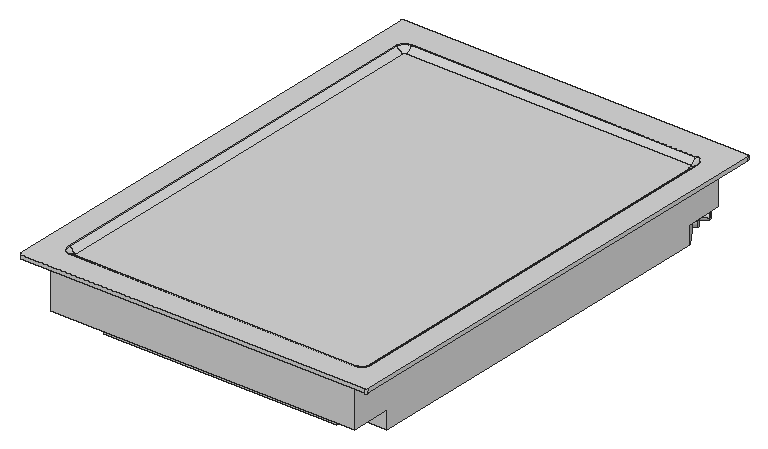
Revit family "FP-Revit19-en-CIT302DX1-CIT392DX1-TeppanyakiCooktop-0-90003217A-AU-NZ-UK-IE-CN-SG-ASIA", category Specialty Equipment, Revit 2019
Family settings
  Round Connector Dimension = Use Diameter
  Part Type = Normal
  Work Plane-Based = No
  Always vertical = Yes
  Cut with Voids When Loaded = Yes
  Shared = No
  Room Calculation Point = No
Parameters (values of type "CIT392DX1")
  Visibility - Clearance Required = yes
  Product - Height = ([Chassis - Height]) + 5.5 mm  # 74 mm
  Product - Width = 385 mm
  Product - Depth = 530 mm  # constant formula
  Model = "CIT392DX1"
  Material - Teppanyaki = Fisher & Paykel - Stainless Steel
  Material - Body = Fisher & Paykel - Stainless Steel
  Manufacturer = "Fisher & Paykel Appliances Ltd"  # constant formula
  Description = "Auxiliary Modular Teppanyaki Cooktop, 39cm"
  Countertop - Height [instance] = 915 mm
  Connector Description - Electrical = "220-240V, 50Hz, 20A"
  Clearance - Side Combustible = 27 mm  # constant formula
  Clearance - Rear Combustible = 20 mm  # constant formula
  Clearance - Overhead Rangehood = 650 mm  # constant formula
  Clearance - Overhead Non-Combustible = 450 mm  # constant formula
  Chassis - Width = 336 mm
  Chassis - Height = 68.5 mm  # constant formula
  Chassis - Depth = 504 mm  # constant formula
  Cavity - Width = 347 mm
  Cavity - Height = 87 mm  # constant formula
  Cavity - Depth (Proud Mount) = 507 mm  # constant formula
  Cavity - Depth (Flush Mount) = 509 mm  # constant formula
Types (2, lengths in mm): name | Product - Width | Model | Description | Chassis - Width | Cavity - Width
  CIT302DX1 | 300 | "CIT302DX1" | "Auxiliary Modular Teppanyaki Cooktop, 30cm" | 251 | 260
  CIT392DX1 | 385 | "CIT392DX1" | "Auxiliary Modular Teppanyaki Cooktop, 39cm" | 336 | 347
Reference planes
  plane 1 "Front": y = 0
  plane 2: z = 0
  plane 3 "Center (Left/Right)": x = 0
  plane 4 "Product - LHS": x = -192.5
  plane 5 "Clearance - LHS": x = -200.5
  plane 6 "Product - RHS": x = 192.5
  plane 7 "Clearance - RHS": x = 200.5
  plane 8 "Tape": z = 909.5
  plane 9 "Product - Height": z = 915
  plane 10 "Cavity - Height": z = 828
  plane 11 "Chassis Base": z = 841
  plane 12 "Product - Depth": y = 530
  plane 13 "Cavity - LHS": x = -173.5
  plane 14 "Cavity - RHS": x = 173.5
  plane 15 "Mounting Flange": z = 911
  plane 16 "Clearance - Rear": y = 540
  plane 17 "2mm Offset LHS": x = -194.5
  plane 18 "2mm Offset RHS": x = 194.5
  plane 19 "Recess 6.5mm": z = 908.5
  plane 20: y = 265
  plane 21 "Chassis - Rear": y = 517.5
  plane 22 "Chassis - Front": y = 13.5
  plane 23 "Cavity - Rear": y = 519.5
  plane 24 "Cavity - Front": y = 10.5
  plane 25 "Chassis - RHS": x = 168
  plane 26 "Chassis - LHS": x = -168
Forms (mm)
  Extrusion 1, solid, material "Fisher & Paykel - Stainless Steel" <- "Material - Teppanyaki"
    sketch origin (0, 0, 0) x (1, 0, 0) y (0, 1, 0)
      loop
        line (-179.5, 523) -> (-179.5, 7) -> (179.5, 7) -> (179.5, 523) -> (-179.5, 523)
    from 909.5 to 911
  Extrusion 2, void
    sketch origin (0, 0, 0) x (1, 0, 0) y (0, 1, 0)
      loop
        arc (-190.5, 532) -> (-193.328, 530.828) -> (-194.5, 528) r 4
        line (-194.5, 528) -> (-194.5, 2)
        arc (-194.5, 2) -> (-193.328, -0.828) -> (-190.5, -2) r 4
        line (-190.5, -2) -> (190.5, -2)
        arc (190.5, -2) -> (193.328, -0.828) -> (194.5, 2) r 4
        line (194.5, 2) -> (194.5, 528)
        arc (194.5, 528) -> (193.328, 530.828) -> (190.5, 532) r 4
        line (190.5, 532) -> (-190.5, 532)
    from 908.5 to 915
  Extrusion 3, solid, material "Fisher & Paykel - Clearance Required (Cutout)", visible <- "Visibility - Clearance Required", detail levels coarse
    sketch origin (0, 0, 0) x (0, 1, 0) y (0, 0, 1)
      loop
        line (10.5, 909.5) -> (10.5, 828) -> (519.5, 828) -> (519.5, 909.5) -> (10.5, 909.5)
    from -173.5 to 173.5
  Extrusion 4, solid, material "Fisher & Paykel - Stainless Steel" <- "Material - Teppanyaki"
    sketch origin (0, 0, 0) x (1, 0, 0) y (0, 1, 0)
      loop
        arc (-190.5, 530) -> (-191.914, 529.414) -> (-192.5, 528) r 2
        line (-192.5, 528) -> (-192.5, 2)
        arc (-192.5, 2) -> (-191.914, 0.586) -> (-190.5, 0) r 2
        line (-190.5, 0) -> (190.5, 0)
        arc (190.5, 0) -> (191.914, 0.586) -> (192.5, 2) r 2
        line (192.5, 2) -> (192.5, 528)
        arc (192.5, 528) -> (191.914, 529.414) -> (190.5, 530) r 2
        line (190.5, 530) -> (-190.5, 530)
    from 911 to 915
  Extrusion 5, void
    sketch origin (0, 0, 0) x (1, 0, 0) y (0, 1, 0)
      loop
        arc (-157.495, 499.908) -> (-164.504, 497.004) -> (-167.408, 489.995) r 9.913
        line (-167.408, 489.995) -> (-167.408, 37.005)
        arc (-167.408, 37.005) -> (-164.504, 29.996) -> (-157.495, 27.092) r 9.913
        line (-157.495, 27.092) -> (157.495, 27.092)
        arc (157.495, 27.092) -> (164.504, 29.996) -> (167.408, 37.005) r 9.913
        line (167.408, 37.005) -> (167.408, 489.995)
        arc (167.408, 489.995) -> (164.504, 497.004) -> (157.495, 499.908) r 9.913
        line (157.495, 499.908) -> (-157.495, 499.908)
    from 909.5 to 915
  Sweep 6, solid, material "Fisher & Paykel - Stainless Steel" <- "Material - Teppanyaki", detail levels fine
    path in 3D
      loop
        arc (-157.495, 27.092, 915) -> (-164.504, 29.996, 915) -> (-167.408, 37.005, 915) r 9.913
        line (-167.408, 37.005, 915) -> (-167.408, 489.995, 915)
        arc (-167.408, 489.995, 915) -> (-164.504, 497.004, 915) -> (-157.495, 499.908, 915) r 9.913
        line (-157.495, 499.908, 915) -> (157.495, 499.908, 915)
        arc (157.495, 499.908, 915) -> (164.504, 497.004, 915) -> (167.408, 489.995, 915) r 9.913
        line (167.408, 489.995, 915) -> (167.408, 37.005, 915)
        arc (167.408, 37.005, 915) -> (164.504, 29.996, 915) -> (157.495, 27.092, 915) r 9.913
        line (157.495, 27.092, 915) -> (-157.495, 27.092, 915)
    profile origin (0, 27.092, 915) x (0, -1, 0) y (0, 0, 1)
      loop
        line (-7.413, -5) -> (0, -5) -> (0, 0) -> (-7.413, -5)
  Extrusion 7, solid, material "Fisher & Paykel - Clearance Required", visible <- "Visibility - Clearance Required", detail levels coarse
    sketch origin (0, 0, 0) x (1, 0, 0) y (0, 1, 0)
      loop
        line (-200.5, 540) -> (-200.5, 0) -> (200.5, 0) -> (200.5, 540) -> (-200.5, 540)
    from 915 to 1365
  Extrusion 8, solid, material "Fisher & Paykel - Clearance Required (Combustible)", visible <- "Visibility - Clearance Required", detail levels coarse
    sketch origin (0, 0, 0) x (1, 0, 0) y (0, 1, 0)
      loop
        line (-200.5, 540) -> (-200.5, 0) -> (200.5, 0) -> (200.5, 540) -> (-200.5, 540)
    from 1365 to 1565
  Extrusion 9, solid, material "Fisher & Paykel - Stainless Steel" <- "Material - Body"
    sketch origin (0, 0, 0) x (0, 1, 0) y (0, 0, 1)
      loop
        line (13.5, 909.5) -> (13.5, 861) -> (38, 861) -> (38, 841) -> (517.5, 841) -> (517.5, 909.5) -> (13.5, 909.5)
    from -168 to 168
  Extrusion 10, void
    sketch origin (0, 0, 0) x (1, 0, 0) y (0, 1, 0)
      loop
        line (140.5, 517.5) -> (169, 476.5) -> (169, 517.5) -> (140.5, 517.5)
      loop
        line (129, 59) -> (129, 38) -> (169, 38) -> (169, 59) -> (129, 59)
      loop
        line (-129, 59) -> (-169, 59) -> (-169, 38) -> (-129, 38) -> (-129, 59)
    from 841 to 861
  Extrusion 11, solid, material "Fisher & Paykel - Stainless Steel" <- "Material - Body", detail levels medium+fine
    sketch origin (0, 0, 0) x (1, 0, 0) y (0, 0, 1)
      loop
        line (-139, 851) -> (-139, 861) -> (-153, 861) -> (-153, 851) -> (-139, 851)
      loop
        line (136.5, 851) -> (155.5, 851) -> (155.5, 861) -> (136.5, 861) -> (136.5, 851)
    from -59 to -38
  Revolve 12, solid, material "Fisher & Paykel - Stainless Steel" <- "Material - Body", detail levels medium+fine
    sketch origin (0, 0, 851) x (1, 0, 0) y (0, 1, 0)
      loop
        line (148.577, 505.458) -> (161.865, 514.37) -> (160.054, 517.07) -> (151.75, 511.5) -> (148.242, 516.731) -> (143.258, 513.388) -> (148.577, 505.458)
      axis (148.577, 505.458) -> (161.865, 514.37)
    angle from 0 to 360
Cuts and joins
  Extrusion 5 cuts Extrusion 4
  Extrusion 5 cuts Extrusion 1
  Extrusion 10 cuts Extrusion 9
Lines and regions (mm)
  sketch lines
    curve 1: line (157.495, 27.092, 915) -> (-157.495, 27.092, 915)
    curve 2: arc (-167.408, 37.005, 915) -> (-164.504, 29.996, 915) -> (-157.495, 27.092, 915) r 9.913
    curve 3: line (-167.408, 37.005, 915) -> (-167.408, 489.995, 915)
    curve 4: arc (-157.495, 499.908, 915) -> (-164.504, 497.004, 915) -> (-167.408, 489.995, 915) r 9.913
    curve 5: line (-157.495, 499.908, 915) -> (157.495, 499.908, 915)
    curve 6: arc (167.408, 489.995, 915) -> (164.504, 497.004, 915) -> (157.495, 499.908, 915) r 9.913
    curve 7: line (167.408, 489.995, 915) -> (167.408, 37.005, 915)
    curve 8: arc (157.495, 27.092, 915) -> (164.504, 29.996, 915) -> (167.408, 37.005, 915) r 9.913
Dimensions and locks
  equal spacing: plane 4 "Product - LHS", plane 3 "Center (Left/Right)", plane 6 "Product - RHS"
  equal spacing: plane 5 "Clearance - LHS", plane 3 "Center (Left/Right)", plane 7 "Clearance - RHS"
  "Product - Width": plane 4 "Product - LHS" to plane 6 "Product - RHS"
  equal spacing: plane 13 "Cavity - LHS", plane 3 "Center (Left/Right)", plane 14 "Cavity - RHS"
  "Cavity - Width": plane 13 "Cavity - LHS" to plane 14 "Cavity - RHS"
  "Product - Depth": plane 1 "Front" to plane 12 "Product - Depth"
  equal spacing: Extrusion 1 sketch curve, plane 3 "Center (Left/Right)", Extrusion 1 sketch curve
  locked: plane 4 "Product - LHS" to Extrusion 1 sketch curve at 13
  "Chassis - Height": plane 8 "Tape" to plane 11 "Chassis Base"
  locked: plane 12 "Product - Depth" to Extrusion 1 sketch curve at 7
  locked: plane 1 "Front" to Extrusion 1 sketch curve at 7
  locked: plane 8 "Tape" to plane 15 "Mounting Flange" at 1.5
  equal spacing: Extrusion 2 sketch curve, plane 3 "Center (Left/Right)", Extrusion 2 sketch curve
  Extrusion 2 sketch curve to plane 4 "Product - LHS" = 2 mm
  locked: plane 12 "Product - Depth" to Extrusion 2 sketch curve at 2
  plane 1 "Front" to Extrusion 2 sketch curve = 2 mm
  locked: plane 9 "Product - Height" to plane 8 "Tape" at 5.5
  "Countertop - Height": plane 9 "Product - Height" to level
  "Clearance - Overhead Non-Combustible": Extrusion 7 to plane 9 "Product - Height"
  "Clearance - Overhead Rangehood": Extrusion 8 to plane 9 "Product - Height"
  "Clearance - Side Combustible": plane 5 "Clearance - LHS" to plane 13 "Cavity - LHS"
  equal spacing: plane 17 "2mm Offset LHS", plane 3 "Center (Left/Right)", plane 18 "2mm Offset RHS"
  plane 17 "2mm Offset LHS" to plane 4 "Product - LHS" = 2 mm
  equal spacing: Extrusion 9, plane 3 "Center (Left/Right)", Extrusion 9
  locked: plane 9 "Product - Height" to plane 19 "Recess 6.5mm" at 6.5
  locked: Revolve 12 to plane 11 "Chassis Base" at 10
  locked: Extrusion 10 sketch curve to cut or joined group of Extrusion 9, Extrusion 10 at 27.5
  locked: cut or joined group of Extrusion 9, Extrusion 10 to Extrusion 10 sketch curve at 41
  "Cavity - Height": plane 9 "Product - Height" to plane 10 "Cavity - Height"
  equal spacing: plane 12 "Product - Depth", plane 20, plane 1 "Front"
  locked: plane 20 to plane 1 "Front" at 265
  equal spacing: plane 23 "Cavity - Rear", plane 20, plane 24 "Cavity - Front"
  "Chassis - Depth": plane 21 "Chassis - Rear" to plane 22 "Chassis - Front"
  "Cavity - Depth (Flush Mount)": plane 23 "Cavity - Rear" to plane 24 "Cavity - Front"
  equal spacing: plane 26 "Chassis - LHS", plane 3 "Center (Left/Right)", plane 25 "Chassis - RHS"
  "Chassis - Width": plane 26 "Chassis - LHS" to plane 25 "Chassis - RHS"
  aligned and locked: level to plane 2
  aligned and locked: Extrusion 1 to plane 8 "Tape"
  aligned and locked: Extrusion 1 to plane 15 "Mounting Flange"
  aligned and locked: plane 9 "Product - Height" to Extrusion 2
  aligned and locked: plane 10 "Cavity - Height" to Extrusion 3 sketch curve
  aligned and locked: plane 8 "Tape" to Extrusion 3
  aligned and locked: Extrusion 3 to plane 13 "Cavity - LHS"
  aligned and locked: plane 14 "Cavity - RHS" to Extrusion 3
  aligned and locked: Extrusion 4 sketch curve to plane 12 "Product - Depth"
  aligned and locked: Extrusion 4 sketch curve to plane 1 "Front"
  aligned and locked: Extrusion 4 sketch curve to plane 4 "Product - LHS"
  aligned and locked: plane 6 "Product - RHS" to Extrusion 4 sketch curve
  aligned and locked: plane 9 "Product - Height" to Extrusion 4
  aligned and locked: plane 9 "Product - Height" to Extrusion 5
  aligned and locked: plane 9 "Product - Height" to cut or joined group of Extrusion 4, Extrusion 5
  aligned and locked: plane 15 "Mounting Flange" to cut or joined group of Extrusion 4, Extrusion 5
  aligned and locked: Extrusion 7 sketch curve to plane 1 "Front"
  aligned and locked: Extrusion 7 sketch curve to plane 5 "Clearance - LHS"
  aligned and locked: plane 7 "Clearance - RHS" to Extrusion 7 sketch curve
  aligned and locked: plane 16 "Clearance - Rear" to Extrusion 7
  aligned and locked: Extrusion 7 to plane 9 "Product - Height"
  aligned and locked: Extrusion 8 to Extrusion 7
  aligned and locked: Extrusion 8 to plane 7 "Clearance - RHS"
  aligned and locked: plane 5 "Clearance - LHS" to Extrusion 8
  aligned and locked: plane 16 "Clearance - Rear" to Extrusion 8
  aligned and locked: plane 1 "Front" to Extrusion 8
  aligned and locked: Extrusion 9 sketch curve to plane 11 "Chassis Base"
  aligned and locked: Extrusion 10 to plane 11 "Chassis Base"
  aligned and locked: Extrusion 2 to plane 19 "Recess 6.5mm"
  aligned and locked: Extrusion 3 to plane 24 "Cavity - Front"
  aligned and locked: Extrusion 9 to plane 22 "Chassis - Front"
  aligned and locked: plane 21 "Chassis - Rear" to cut or joined group of Extrusion 9, Extrusion 10
  aligned and locked: cut or joined group of Extrusion 9, Extrusion 10 to plane 21 "Chassis - Rear"
  aligned and locked: plane 23 "Cavity - Rear" to Extrusion 3
  aligned and locked: cut or joined group of Extrusion 9, Extrusion 10 to plane 26 "Chassis - LHS"
  aligned and locked: plane 25 "Chassis - RHS" to cut or joined group of Extrusion 9, Extrusion 10
  aligned and locked: cut or joined group of Extrusion 9, Extrusion 10 to plane 25 "Chassis - RHS"
  aligned and locked: plane 26 "Chassis - LHS" to cut or joined group of Extrusion 9, Extrusion 10
Automatic sketch dimensions
  Extrusion 2 sketch curve to plane 4 "Product - LHS" = 2 mm  (x2)
  Extrusion 2 sketch curve to plane 1 "Front" = 2 mm
  plane 6 "Product - RHS" to Extrusion 2 sketch curve = 2 mm
  Extrusion 3 sketch curve to plane 8 "Tape" = 0 mm
  Extrusion 4 sketch curve to plane 4 "Product - LHS" = 2 mm  (x2)
  plane 6 "Product - RHS" to Extrusion 4 sketch curve = 2 mm
  Extrusion 4 sketch curve to Extrusion 4 sketch curve = 2 mm
  plane 13 "Cavity - LHS" to Extrusion 5 sketch curve = 6.092 mm
  Extrusion 5 sketch curve to Extrusion 5 sketch curve = 9.913 mm  (x2)
  Extrusion 5 sketch curve to plane 14 "Cavity - RHS" = 16.005 mm  (x2)
  Extrusion 5 sketch curve to plane 14 "Cavity - RHS" = 6.092 mm
  Sweep 6 sketch curve to profile plane = 0 mm  (x2)
  profile plane to Sweep 6 sketch curve = 7.413 mm
  Sweep 6 sketch curve to profile plane = 5 mm
  Extrusion 7 sketch curve to plane 16 "Clearance - Rear" = 0 mm
  plane 1 "Front" to Extrusion 8 sketch curve = 0 mm
  Extrusion 8 sketch curve to plane 5 "Clearance - LHS" = 0 mm
  Extrusion 8 sketch curve to plane 7 "Clearance - RHS" = 0 mm
  Extrusion 8 sketch curve to plane 16 "Clearance - Rear" = 0 mm
  Extrusion 9 sketch curve to plane 8 "Tape" = 0 mm
  plane 11 "Chassis Base" to Extrusion 9 sketch curve = 20 mm
  plane 13 "Cavity - LHS" to Extrusion 10 sketch curve = 4.5 mm
  Extrusion 10 sketch curve to Extrusion 10 sketch curve = 40 mm
  Extrusion 10 sketch curve to plane 14 "Cavity - RHS" = 44.5 mm
  Extrusion 10 sketch curve to plane 14 "Cavity - RHS" = 4.5 mm  (x2)
  Extrusion 10 sketch curve to Extrusion 10 sketch curve = 21 mm  (x2)
  plane 11 "Chassis Base" to Extrusion 11 sketch curve = 10 mm  (x2)
  plane 13 "Cavity - LHS" to Extrusion 11 sketch curve = 20.5 mm
  Extrusion 11 sketch curve to Extrusion 11 sketch curve = 14 mm
  Extrusion 11 sketch curve to plane 14 "Cavity - RHS" = 37 mm
  Extrusion 11 sketch curve to plane 14 "Cavity - RHS" = 18 mm
  Extrusion 11 sketch curve to Extrusion 11 sketch curve = 10 mm  (x2)
  Revolve 12 sketch curve to Revolve 12 sketch curve = 0 mm  (x2)
  Revolve 12 sketch curve to Revolve 12 sketch curve = 2.108 mm
  plane 6 "Product - RHS" to Revolve 12 sketch curve = 49.242 mm
  Revolve 12 sketch curve to Revolve 12 sketch curve = 4.984 mm
  Extrusion 3 sketch curve to plane 1 "Front" = 10.5 mm
  Extrusion 5 sketch curve to plane 1 "Front" = 37.005 mm
  Extrusion 9 sketch curve to plane 1 "Front" = 38 mm
  Extrusion 9 sketch curve to plane 1 "Front" = 13.5 mm
  Extrusion 10 sketch curve to plane 1 "Front" = 59 mm  (x2)
  Extrusion 3 sketch curve to plane 12 "Product - Depth" = 10.5 mm
  Extrusion 5 sketch curve to plane 12 "Product - Depth" = 40.005 mm
  Extrusion 9 sketch curve to plane 12 "Product - Depth" = 12.5 mm
  Extrusion 10 sketch curve to plane 12 "Product - Depth" = 12.5 mm
  Revolve 12 sketch curve to Revolve 12 sketch curve = 5.319 mm
  Revolve 12 sketch curve to Revolve 12 sketch curve = 3.509 mm
  Revolve 12 sketch curve to Revolve 12 sketch curve = 8.304 mm
  Revolve 12 sketch curve to plane 12 "Product - Depth" = 24.542 mm
  Revolve 12 sketch curve to Revolve 12 sketch curve = 6.042 mm
  Revolve 12 sketch curve to Revolve 12 sketch curve = 1.414 mm
Connectors
  electrical at (153.561, 508.801, 851), driven by "Connector Description - Electrical"
    settings: on Revolve 12, index 1, voltage 230 V, apparent load 0 VA, apparent load phase1 0 VA, apparent load phase2 0 VA, apparent load phase3 0 VA, power factor 1, load classification "Other", number of poles 1, system type 30, power factor state 1, is connector primary yes, connector utility no, sub classification motor no, connector description "220-240V, 50Hz, 20A"
